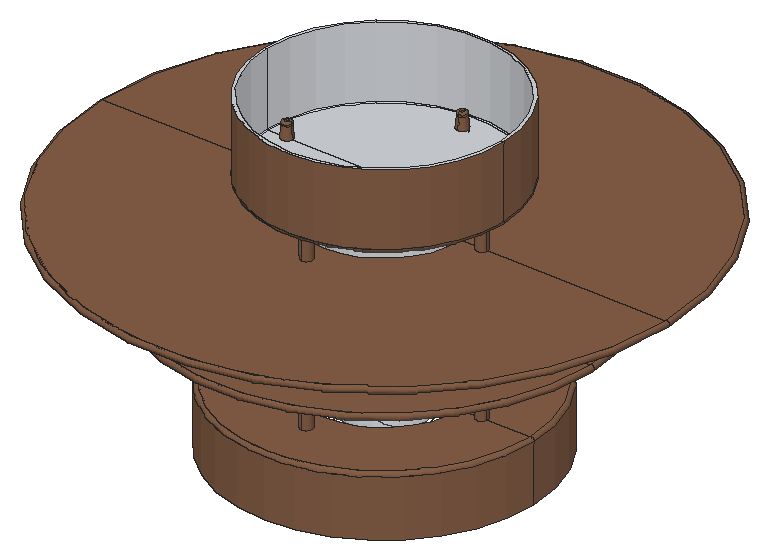
Revit family "ORF19 SHADE", category Lighting Fixtures, Revit 2024
Family settings
  Round Connector Dimension = Use Diameter
  Part Type = Normal
  OmniClass Number = 23.80.70.00
  OmniClass Title = Lighting
  Work Plane-Based = No
  Always vertical = Yes
  Cut with Voids When Loaded = No
  Light Source = No
  Maintain Annotation Orientation = No
  Shared = No
  Room Calculation Point = No
Parameters
  Default Elevation = 0' - 0"
Reference planes (in)
  plane 1 "Light Source Axis (F/B)": y = 0
  plane 2: z = 0
  plane 3 "Light Source Axis (L/R)": x = 0
  plane 4 "Light Source Elevation": z = 54
Forms (in)
  Revolve 1, solid
    sketch origin (0, 0, 0) x (1, 0, 0) y (0, 0, 1)
      loop
        line (-5, 54) -> (-4.90625, 54) -> (-4.90625, 55.875)
        arc (-4.90625, 55.875) -> (-4.8971, 55.8971) -> (-4.875, 55.90625) r 0.03125
        line (-4.875, 55.90625) -> (-2.56941, 55.90625) -> (-2.56941, 56) -> (-4.875, 56)
        arc (-4.875, 56) -> (-4.96339, 55.96339) -> (-5, 55.875) r 0.125
        line (-5, 55.875) -> (-5, 54)
      loop
        line (-2.56941, 61.05698) -> (-9.4, 61.05698)
        arc (-9.4, 61.05698) -> (-9.5, 60.95698) -> (-9.4, 60.85698) r 0.1
        line (-9.4, 60.85698) -> (-2.56941, 60.85698) -> (-2.56941, 61.05698)
      loop
        line (-2.56941, 58.85698) -> (-6.9, 58.85698)
        arc (-6.9, 58.85698) -> (-7, 58.75698) -> (-6.9, 58.65698) r 0.1
        line (-6.9, 58.65698) -> (-2.56941, 58.65698) -> (-2.56941, 58.85698)
      loop
        line (-2.09363, 62) -> (-2.09363, 56.67399)
        arc (-2.09363, 56.67399) -> (-1.48042, 55.19357) -> (0, 54.58036) r 2.09363
        line (0, 54.58036) -> (0, 54.67411)
        arc (0, 54.67411) -> (-1.41413, 55.25986) -> (-1.99988, 56.67399) r 1.99988
        line (-1.99988, 56.67399) -> (-1.99988, 62) -> (0, 62) -> (0, 62.09375) -> (-3.875, 62.09375)
        arc (-3.875, 62.09375) -> (-3.8971, 62.1029) -> (-3.90625, 62.125) r 0.03125
        line (-3.90625, 62.125) -> (-3.90625, 64.5) -> (-4, 64.5) -> (-4, 62.125)
        arc (-4, 62.125) -> (-3.96339, 62.03661) -> (-3.875, 62) r 0.125
        line (-3.875, 62) -> (-2.09363, 62)
      axis (0, 64.5) -> (0, 54)
    angle from 0 to 360
  Revolve 2, solid
    sketch origin (0, 0, 0) x (1, 0, 0) y (0, 0, 1)
      loop
        line (-3.25, 62.60218) -> (-3.34048, 62.60218)
        arc (-3.34048, 62.60218) -> (-3.38103, 62.58601) -> (-3.4, 62.54668) r 0.06022
        line (-3.4, 62.54668) -> (-3.4, 62.5) -> (-3.4375, 62) -> (-3.4375, 56) -> (-3.25, 56) -> (-3.25, 62.60218)
      axis (-3.25, 62.60218) -> (-3.25, 56)
    angle from 0 to 360
  Revolve 3, solid
    sketch origin (0, 0, 0) x (0, -1, 0) y (0, 0, 1)
      loop
        line (-3.25, 62.60218) -> (-3.34048, 62.60218)
        arc (-3.34048, 62.60218) -> (-3.38103, 62.58601) -> (-3.4, 62.54668) r 0.06022
        line (-3.4, 62.54668) -> (-3.4, 62.5) -> (-3.4375, 62) -> (-3.4375, 56) -> (-3.25, 56) -> (-3.25, 62.60218)
      axis (-3.25, 62.60218) -> (-3.25, 56)
    angle from 0 to 360
  Revolve 4, solid
    sketch origin (0, 0, 0) x (0, 1, 0) y (0, 0, 1)
      loop
        line (-3.25, 62.60218) -> (-3.34048, 62.60218)
        arc (-3.34048, 62.60218) -> (-3.38103, 62.58601) -> (-3.4, 62.54668) r 0.06022
        line (-3.4, 62.54668) -> (-3.4, 62.5) -> (-3.4375, 62) -> (-3.4375, 56) -> (-3.25, 56) -> (-3.25, 62.60218)
      axis (-3.25, 62.60218) -> (-3.25, 56)
    angle from 0 to 360
  Revolve 5, solid
    sketch origin (0, 0, 0) x (-1, 0, 0) y (0, 0, 1)
      loop
        line (-3.25, 62.60218) -> (-3.34048, 62.60218)
        arc (-3.34048, 62.60218) -> (-3.38103, 62.58601) -> (-3.4, 62.54668) r 0.06022
        line (-3.4, 62.54668) -> (-3.4, 62.5) -> (-3.4375, 62) -> (-3.4375, 56) -> (-3.25, 56) -> (-3.25, 62.60218)
      axis (-3.25, 62.60218) -> (-3.25, 56)
    angle from 0 to 360
Lines and regions (in)
  reference lines
    curve 1: line (0, -0.25, 0) -> (0, 0.25, 0)
Dimensions and locks (in)
  aligned and locked: level to plane 2
